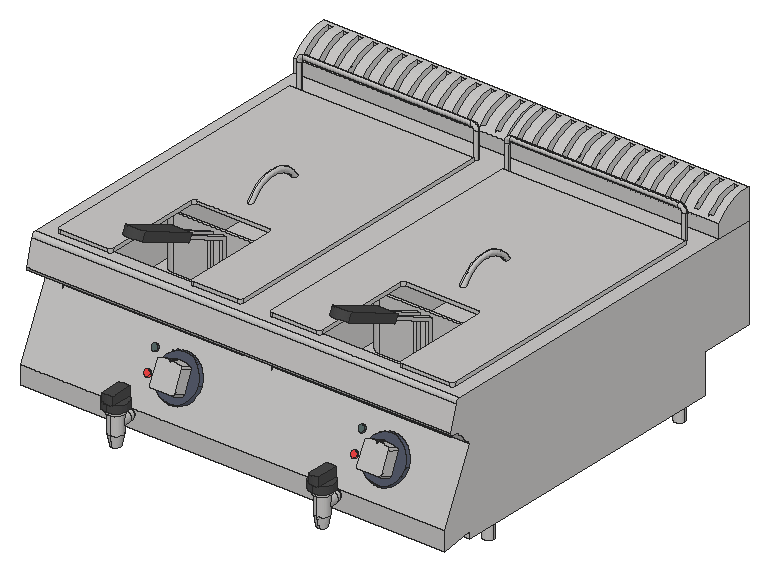
Revit family "QF_ZANUSSI_372076_Z7FREH2B00", category Specialty Equipment, Revit 2018
Family settings
  Round Connector Dimension = Use Diameter
  Part Type = Normal
  Work Plane-Based = No
  Always vertical = Yes
  Cut with Voids When Loaded = No
  Shared = No
  Room Calculation Point = No
Parameters
  Width = 800 mm  # constant formula
  Weight in Pounds = 121  # constant formula
  Weight = 0.00 kg
  Watts = 10800 W  # constant formula
  Volts = 400 V  # constant formula
  URL Manufacturer = "http://www.zanussiprofessional.com"
  URL Cutsheet = "www.electrolux.com/foodservice"
  URL = "http://www.zanussiprofessional.com"
  Type Mark [instance] = ""
  Steam Supply Size = 0"
  Steam Supply Minimum Pressure = 0.00 psi
  Steam Supply Maximum Pressure = 0.00 psi
  Steam Pounds per Hour = 0
  Status [instance] = ""
  Specification by User [instance] = ""
  Specification by Manufacturer = ""
  Show Logo [instance] = yes
  Show Clearance [instance] = yes
  Serial Number = ""
  Seismic Rating = ""
  SMACNA No = ""
  Revision Code [instance] = ""
  Refrigeration Suction Line Size = 0"
  Refrigeration Liquid Line Size = 0"
  Refrigerant Compressor Remote = yes
  Phase = 3  # constant formula
  Omniclass Number and Title = ""
  Number of Poles [instance] = 1
  NAFEM Spec ID Number = ""
  Model = "Z7FREH2B00"
  Min Ckt Ampacity = 0 A
  Max Overcurrent Protection = 0 A
  Masterspec = ""
  Manufacturer = "Zanussi"
  Length Actual = 800 mm  # constant formula
  Item Number [instance] = "372076"
  Installed By [instance] = ""
  Identify Quantity as Lot [instance] = yes
  Hot Water Size = 0"
  Height Actual = 250 mm  # constant formula
  Height = 333 mm  # constant formula
  HP = "14.5 HP"
  Gas Size = 0"
  Gas KW = 0
  Gas Input Pressure = 0.0 Btu/h
  Furnished By [instance] = ""
  Foodservice Equipment Identifier [instance] = yes
  FL Amps = if(Phase = 3, Watts / (Volts * 1.73), Watts / Volts)  # 15.6069 A
  Electrical Remarks [instance] = "400 V/3N ph/50/60 Hz"  # constant formula
  Electric Connection Type [instance] = ""
  Elec Conn RI Height [instance] = 0 mm
  Elec Conn Connection Height [instance] = 0 mm
  Direct Waste Size = 0"
  Description = "2X7 LITRE ELECTRIC FRYER TOP 800 MM"
  Depth Actual = 700 mm  # constant formula
  Depth = 715 mm  # constant formula
  Cycle = if([60 Hertz Option], 60 Hz, 50 Hz)  # 60 Hz
  Conn Plug = ""
  Conn Conduit = yes
  Condensate Return Size = 0"
  Compressed Air Volume = 0 GPM
  Compressed Air Size = 0"
  Compressed Air Pressure = 0.00 psi
  Cold Water Size = 0"
  CSI MasterFormat = ""
  CSI Master Format = ""
  Base Height [instance] = 25 mm  # constant formula
  Apparent Power = if(Phase = 3, Volts * FL Amps * 1.73, Volts * FL Amps)  # 10800 VA
  Accessory = yes
  60 Hertz Option = not([50 Hertz Option])  # yes
  50 Hertz Option = no
Reference planes
  plane 1 "BACK": y = 0
  plane 2: z = 0
  plane 3 "LEFT": x = 0
  plane 4 "RIGHT": x = 800
  plane 5 "FRONT": y = -715
  plane 6 "TOP": z = 333
  plane 7 "Center Y": x = 400
  plane 8 "Center X": y = -357.5
  plane 9 "BASE": z = 25
  plane 10 "TOP A": z = 275
  plane 11: y = -597.884
  plane 12: y = -147.637
  plane 13: z = 366.313
Forms (mm)
  Extrusion 1, solid, material "QF_Finishes_Stainless Steel"
    sketch origin (0, 0, 0) x (0, 1, 0) y (0, 0, 1)
      loop
        line (0, 99) -> (0, 275) -> (-679.358, 275)
        arc (-679.358, 275) -> (-684.643, 272.811) -> (-686.833, 267.526) r 7.474
        line (-686.833, 267.526) -> (-699.884, 222.011)
        arc (-699.884, 222.011) -> (-699.396, 219.379) -> (-697, 218.184) r 3
        line (-697, 218.184) -> (-686.802, 218.184) -> (-654.982, 186.364) -> (-715, 65.508) -> (-715, 30.508) -> (-658.645, 38.428)
        arc (-658.645, 38.428) -> (-656.101, 37.674) -> (-655, 35.259) r 3.2
        line (-655, 35.259) -> (-655, 25) -> (-103, 25) -> (-103, 99) -> (0, 99)
    from 0 to 800
  Extrusion 2, solid, material "QF_Finishes_Stainless Steel"
    sketch origin (0, 0, 0) x (0, 1, 0) y (0, 0, 1)
      loop
        line (0, 275) -> (0, 333)
        arc (0, 333) -> (-38.715, 324.821) -> (-69.85, 300.4) r 87.358
        line (-69.85, 300.4) -> (-69.85, 275) -> (0, 275)
    from 0 to 800
  Extrusion 3, void
    sketch origin (0, 0, 275) x (-1, 0, 0) y (0, -1, 0)
      loop
        line (-33.338, 147.762) -> (-33.338, 655.762) -> (-373.012, 655.762) -> (-373.012, 147.762) -> (-33.338, 147.762)
      loop
        line (-766.662, 655.762) -> (-766.662, 147.762) -> (-426.987, 147.762) -> (-426.987, 655.762) -> (-766.662, 655.762)
    from 0 to -152.4
  Extrusion 4, void
    sketch origin (0, 0, 275) x (-1, 0, 0) y (0, -1, 0)
      loop
        line (-13.453, 6.761) -> (-13.453, 63.911) -> (-22.749, 63.911) -> (-22.749, 6.761) -> (-13.453, 6.761)
    from 25.4 to 63.5
  Extrusion 5, solid, material "QF_Finishes_Stainless Steel"
    sketch origin (0, 0, 0) x (1, 0, 0) y (0, 1, 0)
      loop
        circle (11.112, -147.638) r 9.525
      loop
        circle (11.112, -597.884) r 9.525
      loop
        circle (788.887, -147.638) r 9.525
      loop
        circle (788.887, -597.884) r 9.525
    from 0 to 25
  Revolve 6, solid, material "QF_Finishes_Stainless Steel"
    sketch origin (206.375, 0, 0) x (0, 1, 0) y (0, 0, 1)
      loop
        line (-747.926, 16.877) -> (-738.917, 16.877) -> (-735.301, 37.388) -> (-735.301, 73.729) -> (-732.023, 73.729) -> (-732.023, 81.608) -> (-725.673, 81.608) -> (-725.673, 94.308) -> (-747.926, 94.308) -> (-747.926, 16.877)
      axis (-747.926, 16.877) -> (-747.926, 94.308)
    angle from 0 to 360
  Revolve 7, solid, material "QF_Finishes_Stainless Steel"
    sketch origin (206.375, 0, 0) x (0, 1, 0) y (0, 0, 1)
      loop
        line (-698.522, 56.75) -> (-749.322, 56.75) -> (-749.322, 44.447) -> (-727.357, 44.447) -> (-727.357, 46.149) -> (-718.364, 46.149) -> (-718.364, 48.196) -> (-698.522, 48.196) -> (-698.522, 56.75)
      axis (-749.322, 56.75) -> (-698.522, 56.75)
    angle from 0 to 360
  Revolve 8, solid, material "QF_Finishes_Stainless Steel"
    sketch origin (595.312, 0, 0) x (0, 1, 0) y (0, 0, 1)
      loop
        line (-747.926, 16.877) -> (-738.917, 16.877) -> (-735.301, 37.388) -> (-735.301, 73.729) -> (-732.023, 73.729) -> (-732.023, 81.608) -> (-725.673, 81.608) -> (-725.673, 94.308) -> (-747.926, 94.308) -> (-747.926, 16.877)
      axis (-747.926, 16.877) -> (-747.926, 94.308)
    angle from 0 to 360
  Revolve 9, solid, material "QF_Finishes_Stainless Steel"
    sketch origin (595.312, 0, 0) x (0, 1, 0) y (0, 0, 1)
      loop
        line (-698.522, 56.75) -> (-749.322, 56.75) -> (-749.322, 44.447) -> (-727.357, 44.447) -> (-727.357, 46.149) -> (-718.364, 46.149) -> (-718.364, 48.196) -> (-698.522, 48.196) -> (-698.522, 56.75)
      axis (-749.322, 56.75) -> (-698.522, 56.75)
    angle from 0 to 360
  Extrusion 10, solid, material "QF_Finishes_Black"
    sketch origin (206.375, -747.926, 94.308) x (0, 1, 0) y (-1, 0, 0)
      loop
        line (20.063, 9.626) -> (-20.063, 9.626)
        arc (-20.063, 9.626) -> (-22.253, 0) -> (-20.063, -9.626) r 22.253
        line (-20.063, -9.626) -> (20.063, -9.626)
        arc (20.063, -9.626) -> (22.253, 0) -> (20.063, 9.626) r 22.253
      loop
        line (20.063, -379.312) -> (-20.063, -379.312)
        arc (-20.063, -379.312) -> (-22.253, -388.937) -> (-20.063, -398.563) r 22.253
        line (-20.063, -398.563) -> (20.063, -398.563)
        arc (20.063, -398.563) -> (22.253, -388.937) -> (20.063, -379.312) r 22.253
    from 0 to 16.412
  Extrusion 11, solid, material "QF_Finishes_Stainless Steel"
    sketch origin (0, -101.6, 102.788) x (0, 0, -1) y (-1, 0, 0)
      loop
        circle (43.882, -736.5) r 12.7
    from 0 to 12.7
  Extrusion 12, solid, material "QF_Finishes_Clearance", visible <- "Show Clearance", detail levels coarse
    sketch origin (0, 0, 0) x (1, 0, 0) y (0, 1, 0)
      loop
        line (0, -716.377) -> (0, 0) -> (800, 0) -> (800, -716.377) -> (950.019, -716.377) -> (950.019, 150.019) -> (-150.019, 150.019) -> (-150.019, -716.377) -> (0, -716.377)
    from 0 to 333
  Extrusion 13, solid, material "QF_Finishes_Stainless Steel"
    sketch origin (0, 0, 274.638) x (-1, 0, 0) y (0, -1, 0)
      loop
        arc (-26.988, 655.762) -> (-28.847, 660.252) -> (-33.338, 662.112) r 6.35
        line (-33.338, 662.112) -> (-122.238, 662.112)
        arc (-122.238, 662.112) -> (-126.728, 660.252) -> (-128.588, 655.762) r 6.35
        line (-128.588, 655.762) -> (-128.588, 473.512)
        arc (-128.588, 473.512) -> (-130.447, 469.021) -> (-134.938, 467.162) r 6.35
        line (-134.938, 467.162) -> (-271.412, 467.162)
        arc (-271.412, 467.162) -> (-275.903, 469.021) -> (-277.762, 473.512) r 6.35
        line (-277.762, 473.512) -> (-277.762, 655.762)
        arc (-277.762, 655.762) -> (-279.622, 660.252) -> (-284.112, 662.112) r 6.35
        line (-284.112, 662.112) -> (-366.662, 662.112)
        arc (-366.662, 662.112) -> (-371.153, 660.252) -> (-373.012, 655.762) r 6.35
        line (-373.012, 655.762) -> (-373.012, 112.837) -> (-26.988, 112.837) -> (-26.988, 655.762)
      loop
        line (-773.012, 655.762) -> (-773.012, 112.837) -> (-426.987, 112.837) -> (-426.987, 655.762)
        arc (-426.987, 655.762) -> (-428.847, 660.252) -> (-433.337, 662.112) r 6.35
        line (-433.337, 662.112) -> (-515.887, 662.112)
        arc (-515.887, 662.112) -> (-520.378, 660.252) -> (-522.237, 655.762) r 6.35
        line (-522.237, 655.762) -> (-522.237, 473.512)
        arc (-522.237, 473.512) -> (-524.097, 469.021) -> (-528.587, 467.162) r 6.35
        line (-528.587, 467.162) -> (-665.062, 467.162)
        arc (-665.062, 467.162) -> (-669.553, 469.021) -> (-671.412, 473.512) r 6.35
        line (-671.412, 473.512) -> (-671.412, 655.762)
        arc (-671.412, 655.762) -> (-673.272, 660.252) -> (-677.762, 662.112) r 6.35
        line (-677.762, 662.112) -> (-766.662, 662.112)
        arc (-766.662, 662.112) -> (-771.153, 660.252) -> (-773.012, 655.762) r 6.35
    from 0 to 6.35
  Sweep 14, solid, material "QF_Finishes_Stainless Steel"
    path origin (0, 36.513, 0) x (1, 0, 0) y (0, 0, 1)
      loop
        line (39.688, 275) -> (39.688, 323.475)
        arc (39.688, 323.475) -> (41.547, 327.965) -> (46.038, 329.825) r 6.35
        line (46.038, 329.825) -> (362.669, 329.825)
        arc (362.669, 329.825) -> (367.16, 327.965) -> (369.019, 323.475) r 6.35
        line (369.019, 323.475) -> (369.019, 275)
    profile origin (39.688, 36.513, 299.238) x (-1, 0, 0) y (0, -1, 0)
      loop
        circle (2.09, 140.754) r 3.827
  Extrusion 15, solid, material "QF_Finishes_Black"
    sketch origin (271.462, -708.83, 366.66) x (0, 0.906308, -0.422618) y (-1, 0, 0)
      loop
        line (10.103, 47.37) -> (128.716, 47.37) -> (128.716, 84.605) -> (10.103, 84.605)
        arc (10.103, 84.605) -> (-0.124, 65.987) -> (10.103, 47.37) r 22.059
    from -15.884 to 0
  Extrusion 16, solid, material "QF_Finishes_Stainless Steel"
    sketch origin (271.463, 41.275, 0) x (0, 1, 0) y (0, 0, 1)
      loop
        line (-547.91, 166) -> (-547.91, 267.478) -> (-635.463, 308.305) -> (-638.147, 302.55) -> (-554.26, 263.433) -> (-554.26, 166) -> (-547.91, 166)
    from -80.476 to -74.619
  Extrusion 17, solid, material "QF_Finishes_Stainless Steel"
    sketch origin (139.588, 41.275, 0) x (0, 1, 0) y (0, 0, -1)
      loop
        line (-554.26, -263.433) -> (-638.147, -302.55) -> (-635.463, -308.305) -> (-547.91, -267.478) -> (-547.91, -166) -> (-554.26, -166) -> (-554.26, -263.433)
    from -80.476 to -74.619
  Sweep 18, solid, material "QF_Finishes_Stainless Steel"
    path origin (200.025, -0.124, 0) x (0, 1, 0) y (0, 0, 1)
      loop
        arc (-315.761, 275) -> (-370.2, 308.779) -> (-424.639, 275) r 60.757
    profile origin (200.025, -370.324, 308.779) x (0, 0, -1) y (1, 0, 0)
      loop
        circle (0, 0) r 4.353
  Sweep 19, solid, material "QF_Finishes_Stainless Steel"
    path origin (600.075, -0.124, 0) x (0, 1, 0) y (0, 0, -1)
      loop
        arc (-315.761, -275) -> (-370.2, -308.779) -> (-424.639, -275) r 60.757
    profile origin (600.075, -370.324, 308.779) x (0, 0, 1) y (-1, 0, 0)
      loop
        circle (0, 0) r 4.353
  Extrusion 20, solid, material "QF_Finishes_Black"
    sketch origin (528.637, -708.83, 366.66) x (0, 0.906308, -0.422618) y (-1, 0, 0)
      loop
        arc (10.103, -47.27) -> (-0.124, -65.887) -> (10.103, -84.505) r 22.059
        line (10.103, -84.505) -> (128.716, -84.505) -> (128.716, -47.27) -> (10.103, -47.27)
    from -15.884 to 0
  Extrusion 21, solid, material "QF_Finishes_Mesh"
    sketch origin (0, 0, 275) x (-1, 0, 0) y (0, -1, 0)
      loop
        arc (-116.625, 189.135) -> (-98.665, 196.575) -> (-91.225, 214.535) r 25.4
        line (-91.225, 214.535) -> (-91.225, 473.61)
        arc (-91.225, 473.61) -> (-98.665, 491.571) -> (-116.625, 499.01) r 25.4
        line (-116.625, 499.01) -> (-294.375, 499.01)
        arc (-294.375, 499.01) -> (-312.336, 491.571) -> (-319.775, 473.61) r 25.4
        line (-319.775, 473.61) -> (-319.775, 214.535)
        arc (-319.775, 214.535) -> (-312.336, 196.575) -> (-294.375, 189.135) r 25.4
        line (-294.375, 189.135) -> (-116.625, 189.135)
      loop
        arc (-116.625, 192.31) -> (-100.91, 198.82) -> (-94.4, 214.535) r 22.225
        line (-94.4, 214.535) -> (-94.4, 473.61)
        arc (-94.4, 473.61) -> (-100.91, 489.326) -> (-116.625, 495.835) r 22.225
        line (-116.625, 495.835) -> (-294.375, 495.835)
        arc (-294.375, 495.835) -> (-310.091, 489.326) -> (-316.6, 473.61) r 22.225
        line (-316.6, 473.61) -> (-316.6, 214.535)
        arc (-316.6, 214.535) -> (-310.091, 198.82) -> (-294.375, 192.31) r 22.225
        line (-294.375, 192.31) -> (-116.625, 192.31)
      loop
        line (-683.375, 189.135) -> (-505.625, 189.135)
        arc (-505.625, 189.135) -> (-487.664, 196.575) -> (-480.225, 214.535) r 25.4
        line (-480.225, 214.535) -> (-480.225, 473.61)
        arc (-480.225, 473.61) -> (-487.664, 491.571) -> (-505.625, 499.01) r 25.4
        line (-505.625, 499.01) -> (-683.375, 499.01)
        arc (-683.375, 499.01) -> (-701.335, 491.571) -> (-708.775, 473.61) r 25.4
        line (-708.775, 473.61) -> (-708.775, 214.535)
        arc (-708.775, 214.535) -> (-701.335, 196.575) -> (-683.375, 189.135) r 25.4
      loop
        line (-683.375, 192.31) -> (-505.625, 192.31)
        arc (-505.625, 192.31) -> (-489.909, 198.82) -> (-483.4, 214.535) r 22.225
        line (-483.4, 214.535) -> (-483.4, 473.61)
        arc (-483.4, 473.61) -> (-489.909, 489.326) -> (-505.625, 495.835) r 22.225
        line (-505.625, 495.835) -> (-683.375, 495.835)
        arc (-683.375, 495.835) -> (-699.09, 489.326) -> (-705.6, 473.61) r 22.225
        line (-705.6, 473.61) -> (-705.6, 214.535)
        arc (-705.6, 214.535) -> (-699.09, 198.82) -> (-683.375, 192.31) r 22.225
    from -109 to -5.315
  Extrusion 22, solid, material "QF_Finishes_Stainless Steel"
    sketch origin (528.637, 41.275, 0) x (0, 1, 0) y (0, 0, -1)
      loop
        line (-547.91, -166) -> (-554.26, -166) -> (-554.26, -263.433) -> (-638.147, -302.55) -> (-635.463, -308.305) -> (-547.91, -267.478) -> (-547.91, -166)
    from -80.476 to -74.619
  Extrusion 23, solid, material "QF_Finishes_Stainless Steel"
    sketch origin (660.512, 41.275, 0) x (0, 1, 0) y (0, 0, 1)
      loop
        line (-554.26, 263.433) -> (-554.26, 166) -> (-547.91, 166) -> (-547.91, 267.478) -> (-635.463, 308.305) -> (-638.147, 302.55) -> (-554.26, 263.433)
    from -80.476 to -74.619
  Sweep 24, solid, material "QF_Finishes_Stainless Steel"
    path origin (800.1, 36.513, 0) x (-1, 0, 0) y (0, 0, -1)
      loop
        line (39.788, -275) -> (39.788, -323.475)
        arc (39.788, -323.475) -> (41.647, -327.965) -> (46.138, -329.825) r 6.35
        line (46.138, -329.825) -> (362.769, -329.825)
        arc (362.769, -329.825) -> (367.26, -327.965) -> (369.119, -323.475) r 6.35
        line (369.119, -323.475) -> (369.119, -275)
    profile origin (760.312, 36.513, 299.238) x (-1, 0, 0) y (0, -1, 0)
      loop
        circle (-2.09, 140.754) r 3.827
  Extrusion 25, void
    sketch origin (361.95, 0, 275) x (-1, 0, 0) y (0, -1, 0)
      loop
        line (-13.403, 6.761) -> (-13.403, 63.911) -> (-22.699, 63.911) -> (-22.699, 6.761) -> (-13.403, 6.761)
    from 25.4 to 63.5
  Extrusion 26, void
    sketch origin (27.842, 0, 275) x (-1, 0, 0) y (0, -1, 0)
      loop
        line (-13.453, 6.761) -> (-13.453, 63.911) -> (-22.749, 63.911) -> (-22.749, 6.761) -> (-13.453, 6.761)
    from 25.4 to 63.5
  Extrusion 27, void
    sketch origin (55.685, 0, 275) x (-1, 0, 0) y (0, -1, 0)
      loop
        line (-13.453, 6.761) -> (-13.453, 63.911) -> (-22.749, 63.911) -> (-22.749, 6.761) -> (-13.453, 6.761)
    from 25.4 to 63.5
  Extrusion 28, void
    sketch origin (83.527, 0, 275) x (-1, 0, 0) y (0, -1, 0)
      loop
        line (-13.453, 6.761) -> (-13.453, 63.911) -> (-22.749, 63.911) -> (-22.749, 6.761) -> (-13.453, 6.761)
    from 25.4 to 63.5
  Extrusion 29, void
    sketch origin (111.369, 0, 275) x (-1, 0, 0) y (0, -1, 0)
      loop
        line (-13.453, 6.761) -> (-13.453, 63.911) -> (-22.749, 63.911) -> (-22.749, 6.761) -> (-13.453, 6.761)
    from 25.4 to 63.5
  Extrusion 30, void
    sketch origin (139.212, 0, 275) x (-1, 0, 0) y (0, -1, 0)
      loop
        line (-13.453, 6.761) -> (-13.453, 63.911) -> (-22.749, 63.911) -> (-22.749, 6.761) -> (-13.453, 6.761)
    from 25.4 to 63.5
  Extrusion 31, void
    sketch origin (167.054, 0, 275) x (-1, 0, 0) y (0, -1, 0)
      loop
        line (-13.453, 6.761) -> (-13.453, 63.911) -> (-22.749, 63.911) -> (-22.749, 6.761) -> (-13.453, 6.761)
    from 25.4 to 63.5
  Extrusion 32, void
    sketch origin (194.896, 0, 275) x (-1, 0, 0) y (0, -1, 0)
      loop
        line (-13.403, 6.761) -> (-13.403, 63.911) -> (-22.699, 63.911) -> (-22.699, 6.761) -> (-13.403, 6.761)
    from 25.4 to 63.5
  Extrusion 33, void
    sketch origin (222.738, 0, 275) x (-1, 0, 0) y (0, -1, 0)
      loop
        line (-13.403, 6.761) -> (-13.403, 63.911) -> (-22.699, 63.911) -> (-22.699, 6.761) -> (-13.403, 6.761)
    from 25.4 to 63.5
  Extrusion 34, void
    sketch origin (250.581, 0, 275) x (-1, 0, 0) y (0, -1, 0)
      loop
        line (-13.403, 6.761) -> (-13.403, 63.911) -> (-22.699, 63.911) -> (-22.699, 6.761) -> (-13.403, 6.761)
    from 25.4 to 63.5
  Extrusion 35, void
    sketch origin (278.423, 0, 275) x (-1, 0, 0) y (0, -1, 0)
      loop
        line (-13.403, 6.761) -> (-13.403, 63.911) -> (-22.699, 63.911) -> (-22.699, 6.761) -> (-13.403, 6.761)
    from 25.4 to 63.5
  Extrusion 36, void
    sketch origin (306.265, 0, 275) x (-1, 0, 0) y (0, -1, 0)
      loop
        line (-13.403, 6.761) -> (-13.403, 63.911) -> (-22.699, 63.911) -> (-22.699, 6.761) -> (-13.403, 6.761)
    from 25.4 to 63.5
  Extrusion 37, void
    sketch origin (334.108, 0, 275) x (-1, 0, 0) y (0, -1, 0)
      loop
        line (-13.403, 6.761) -> (-13.403, 63.911) -> (-22.699, 63.911) -> (-22.699, 6.761) -> (-13.403, 6.761)
    from 25.4 to 63.5
  Extrusion 38, void
    sketch origin (800.1, 0, 275) x (1, 0, 0) y (0, 1, 0)
      loop
        line (-13.553, -6.761) -> (-22.849, -6.761) -> (-22.849, -63.911) -> (-13.553, -63.911) -> (-13.553, -6.761)
    from 25.4 to 63.5
  Extrusion 39, void
    sketch origin (438.15, 0, 275) x (1, 0, 0) y (0, 1, 0)
      loop
        line (-13.503, -6.761) -> (-22.799, -6.761) -> (-22.799, -63.911) -> (-13.503, -63.911) -> (-13.503, -6.761)
    from 25.4 to 63.5
  Extrusion 40, void
    sketch origin (772.258, 0, 275) x (1, 0, 0) y (0, 1, 0)
      loop
        line (-13.553, -6.761) -> (-22.849, -6.761) -> (-22.849, -63.911) -> (-13.553, -63.911) -> (-13.553, -6.761)
    from 25.4 to 63.5
  Extrusion 41, void
    sketch origin (744.415, 0, 275) x (1, 0, 0) y (0, 1, 0)
      loop
        line (-13.553, -6.761) -> (-22.849, -6.761) -> (-22.849, -63.911) -> (-13.553, -63.911) -> (-13.553, -6.761)
    from 25.4 to 63.5
  Extrusion 42, void
    sketch origin (716.573, 0, 275) x (1, 0, 0) y (0, 1, 0)
      loop
        line (-13.553, -6.761) -> (-22.849, -6.761) -> (-22.849, -63.911) -> (-13.553, -63.911) -> (-13.553, -6.761)
    from 25.4 to 63.5
  Extrusion 43, void
    sketch origin (688.731, 0, 275) x (1, 0, 0) y (0, 1, 0)
      loop
        line (-13.553, -6.761) -> (-22.849, -6.761) -> (-22.849, -63.911) -> (-13.553, -63.911) -> (-13.553, -6.761)
    from 25.4 to 63.5
  Extrusion 44, void
    sketch origin (660.888, 0, 275) x (1, 0, 0) y (0, 1, 0)
      loop
        line (-13.553, -6.761) -> (-22.849, -6.761) -> (-22.849, -63.911) -> (-13.553, -63.911) -> (-13.553, -6.761)
    from 25.4 to 63.5
  Extrusion 45, void
    sketch origin (633.046, 0, 275) x (1, 0, 0) y (0, 1, 0)
      loop
        line (-13.553, -6.761) -> (-22.849, -6.761) -> (-22.849, -63.911) -> (-13.553, -63.911) -> (-13.553, -6.761)
    from 25.4 to 63.5
  Extrusion 46, void
    sketch origin (605.204, 0, 275) x (1, 0, 0) y (0, 1, 0)
      loop
        line (-13.503, -6.761) -> (-22.799, -6.761) -> (-22.799, -63.911) -> (-13.503, -63.911) -> (-13.503, -6.761)
    from 25.4 to 63.5
  Extrusion 47, void
    sketch origin (577.362, 0, 275) x (1, 0, 0) y (0, 1, 0)
      loop
        line (-13.503, -6.761) -> (-22.799, -6.761) -> (-22.799, -63.911) -> (-13.503, -63.911) -> (-13.503, -6.761)
    from 25.4 to 63.5
  Extrusion 48, void
    sketch origin (549.519, 0, 275) x (1, 0, 0) y (0, 1, 0)
      loop
        line (-13.503, -6.761) -> (-22.799, -6.761) -> (-22.799, -63.911) -> (-13.503, -63.911) -> (-13.503, -6.761)
    from 25.4 to 63.5
  Extrusion 49, void
    sketch origin (521.677, 0, 275) x (1, 0, 0) y (0, 1, 0)
      loop
        line (-13.503, -6.761) -> (-22.799, -6.761) -> (-22.799, -63.911) -> (-13.503, -63.911) -> (-13.503, -6.761)
    from 25.4 to 63.5
  Extrusion 50, void
    sketch origin (493.835, 0, 275) x (1, 0, 0) y (0, 1, 0)
      loop
        line (-13.503, -6.761) -> (-22.799, -6.761) -> (-22.799, -63.911) -> (-13.503, -63.911) -> (-13.503, -6.761)
    from 25.4 to 63.5
  Extrusion 51, void
    sketch origin (465.992, 0, 275) x (1, 0, 0) y (0, 1, 0)
      loop
        line (-13.503, -6.761) -> (-22.799, -6.761) -> (-22.799, -63.911) -> (-13.503, -63.911) -> (-13.503, -6.761)
    from 25.4 to 63.5
  Extrusion 52, void
    sketch origin (418.151, 0, 275) x (1, 0, 0) y (0, 1, 0)
      loop
        line (-16.563, 0) -> (-19.738, 0) -> (-19.738, -69.85) -> (-16.563, -69.85) -> (-16.563, 0)
    from 25.4 to 63.5
  Blend 53, solid, material "QF_Finishes_Navy Blue"
    base sketch origin (275, -684.991, 125.936) x (1, 0, 0) y (0, 0.444781, 0.895639)
      loop
        circle (0, 0) r 42.5
    top sketch origin (275, -684.991, 125.936) x (1, 0, 0) y (0, 0.444781, 0.895639)
      loop
        circle (0, 0) r 40.5
    from 0 to 5
  Extrusion 54, solid, material "QF_Finishes_Stainless Steel"
    sketch origin (275, -684.991, 125.936) x (1, 0, 0) y (0, 0.444781, 0.895639)
      loop
        arc (-21.147, 22.789) -> (-22.494, 21.685) -> (-23, 20.019) r 2.997
        line (-23, 20.019) -> (-23, -20.019)
        arc (-23, -20.019) -> (-22.122, -22.138) -> (-20.003, -23.016) r 2.997
        line (-20.003, -23.016) -> (20.003, -23.016)
        arc (20.003, -23.016) -> (22.122, -22.138) -> (23, -20.019) r 2.997
        line (23, -20.019) -> (23, 20.019)
        arc (23, 20.019) -> (22.494, 21.685) -> (21.147, 22.789) r 2.997
        arc (21.147, 22.789) -> (0, 26.984) -> (-21.147, 22.789) r 55.4
    from 10 to 34
  Extrusion 55, solid, material "QF_Plastic-Black-Matte"
    sketch origin (355, -684.991, 125.936) x (0, 0.444781, 0.895639) y (0, -0.895639, 0.444781)
      loop
        line (26.984, 34) -> (26.984, 19) -> (27.984, 19) -> (27.984, 34)
        arc (27.984, 34) -> (27.691, 34.707) -> (26.984, 35) r 1
        line (26.984, 35) -> (23.984, 35) -> (23.984, 34) -> (26.984, 34)
    from -81 to -79
  Extrusion 56, solid, material "QF_Finishes_Red"
    sketch origin (275, -689.439, 116.98) x (1, 0, 0) y (0, 0.444781, 0.895639)
      loop
        circle (-55.001, 0) r 6
    from 0 to 1.6
  Extrusion 57, solid, material "QF_Finishes_Stainless Steel"
    sketch origin (275, -684.991, 125.936) x (1, 0, 0) y (0, 0.444781, 0.895639)
      loop
        line (17.5, 17.5) -> (-17.5, 17.5) -> (-17.5, -17.5) -> (17.5, -17.5) -> (17.5, 17.5)
    from 5 to 10
  Blend 58, solid, material "QF_Finishes_Navy Blue"
    base sketch origin (665, -684.991, 125.936) x (1, 0, 0) y (0, 0.444781, 0.895639)
      loop
        circle (0, 0) r 42.5
    top sketch origin (665, -684.991, 125.936) x (1, 0, 0) y (0, 0.444781, 0.895639)
      loop
        circle (0, 0) r 40.5
    from 0 to 5
  Extrusion 59, solid, material "QF_Finishes_Stainless Steel"
    sketch origin (665, -684.991, 125.936) x (1, 0, 0) y (0, 0.444781, 0.895639)
      loop
        arc (-21.147, 22.789) -> (-22.494, 21.685) -> (-23, 20.019) r 2.997
        line (-23, 20.019) -> (-23, -20.019)
        arc (-23, -20.019) -> (-22.122, -22.138) -> (-20.003, -23.016) r 2.997
        line (-20.003, -23.016) -> (20.003, -23.016)
        arc (20.003, -23.016) -> (22.122, -22.138) -> (23, -20.019) r 2.997
        line (23, -20.019) -> (23, 20.019)
        arc (23, 20.019) -> (22.494, 21.685) -> (21.147, 22.789) r 2.997
        arc (21.147, 22.789) -> (0, 26.984) -> (-21.147, 22.789) r 55.4
    from 10 to 34
  Extrusion 60, solid, material "QF_Finishes_Stainless Steel"
    sketch origin (665, -684.991, 125.936) x (1, 0, 0) y (0, 0.444781, 0.895639)
      loop
        line (17.5, 17.5) -> (-17.5, 17.5) -> (-17.5, -17.5) -> (17.5, -17.5) -> (17.5, 17.5)
    from 5 to 10
  Extrusion 61, solid, material "QF_Plastic-Black-Matte"
    sketch origin (585, -684.991, 125.936) x (0, 0.444781, 0.895639) y (0, 0.895639, -0.444781)
      loop
        line (26.984, -34) -> (23.984, -34) -> (23.984, -35) -> (26.984, -35)
        arc (26.984, -35) -> (27.691, -34.707) -> (27.984, -34) r 1
        line (27.984, -34) -> (27.984, -19) -> (26.984, -19) -> (26.984, -34)
    from -81 to -79
  Extrusion 62, solid, material "QF_Finishes_DarkGreen"
    sketch origin (275, -671.648, 152.805) x (1, 0, 0) y (0, 0.444781, 0.895639)
      loop
        circle (-55.001, 0) r 6
    from 0 to 1.6
  Extrusion 63, solid, material "QF_Finishes_Red"
    sketch origin (665, -689.439, 116.98) x (1, 0, 0) y (0, 0.444781, 0.895639)
      loop
        circle (-55.001, 0) r 6
    from 0 to 1.6
  Extrusion 64, solid, material "QF_Finishes_DarkGreen"
    sketch origin (665, -671.648, 152.805) x (1, 0, 0) y (0, 0.444781, 0.895639)
      loop
        circle (-55.001, 0) r 6
    from 0 to 1.6
Cuts and joins
  Extrusion 3, Extrusion 4 cuts Extrusion 1
  Extrusion 4, Extrusion 25, Extrusion 26, Extrusion 27, Extrusion 28, Extrusion 29, Extrusion 30, Extrusion 31, Extrusion 32, Extrusion 33, Extrusion 34, Extrusion 35, Extrusion 36, Extrusion 37, Extrusion 38, Extrusion 39, Extrusion 40, Extrusion 41, Extrusion 42, Extrusion 43, Extrusion 44, Extrusion 45, Extrusion 46, Extrusion 47, Extrusion 48, Extrusion 49, Extrusion 50, Extrusion 51, Extrusion 52 cuts Extrusion 2
  joined: Extrusion 13, Sweep 18, Sweep 19
  Extrusion 25, Extrusion 26, Extrusion 27, Extrusion 28, Extrusion 29, Extrusion 30, Extrusion 31, Extrusion 32, Extrusion 33, Extrusion 34, Extrusion 35, Extrusion 36, Extrusion 37, Extrusion 38, Extrusion 39, Extrusion 40, Extrusion 41, Extrusion 42, Extrusion 43, Extrusion 44, Extrusion 45, Extrusion 46, Extrusion 47, Extrusion 48, Extrusion 49, Extrusion 50, Extrusion 51, Extrusion 52 cuts Extrusion 12
Lines and regions (mm)
  Split face 1
    outline origin (276.664, -684.796, 137.57) x (1, 0, 0) y (0, 0.444781, 0.895639)
      loop
        circle (-34, 0) r 1.5
  Split face 2
    outline origin (273.297, -687.581, 131.962) x (1, 0, 0) y (0, 0.444781, 0.895639)
      loop
        circle (-30.633, -14.752) r 1.5
  Split face 3
    outline origin (276.214, -689.88, 127.332) x (1, 0, 0) y (0, 0.444781, 0.895639)
      loop
        circle (-21.199, -26.582) r 1.5
  Split face 4
    outline origin (282.566, -689.848, 127.397) x (1, 0, 0) y (0, 0.444781, 0.895639)
      loop
        circle (-7.566, -33.148) r 1.5
  Split face 5
    outline origin (287.419, -686.96, 133.212) x (1, 0, 0) y (0, 0.444781, 0.895639)
      loop
        circle (7.566, -33.148) r 1.5
  Split face 6
    outline origin (286.137, -682.319, 142.558) x (1, 0, 0) y (0, 0.444781, 0.895639)
      loop
        circle (21.199, -26.582) r 1.5
  Split face 7
    outline origin (276.5, -678.264, 150.724) x (1, 0, 0) y (0, 0.444781, 0.895639)
      loop
        circle (30.633, -14.752) r 1.5
  Split face 8
    outline origin (260.985, -677.235, 152.796) x (1, 0, 0) y (0, 0.444781, 0.895639)
      loop
        circle (34, 0) r 1.5
  Split face 9
    outline origin (666.664, -684.796, 137.57) x (1, 0, 0) y (0, 0.444781, 0.895639)
      loop
        circle (-34, 0) r 1.5
  Split face 10
    outline origin (663.297, -687.581, 131.962) x (1, 0, 0) y (0, 0.444781, 0.895639)
      loop
        circle (-30.633, -14.752) r 1.5
  Split face 11
    outline origin (666.214, -689.88, 127.332) x (1, 0, 0) y (0, 0.444781, 0.895639)
      loop
        circle (-21.199, -26.582) r 1.5
  Split face 12
    outline origin (672.566, -689.848, 127.397) x (1, 0, 0) y (0, 0.444781, 0.895639)
      loop
        circle (-7.566, -33.148) r 1.5
  Split face 13
    outline origin (677.419, -686.96, 133.212) x (1, 0, 0) y (0, 0.444781, 0.895639)
      loop
        circle (7.566, -33.148) r 1.5
  Split face 14
    outline origin (676.137, -682.319, 142.558) x (1, 0, 0) y (0, 0.444781, 0.895639)
      loop
        circle (21.199, -26.582) r 1.5
  Split face 15
    outline origin (666.703, -678.235, 150.783) x (1, 0, 0) y (0, 0.444781, 0.895639)
      loop
        circle (30.633, -14.752) r 1.5
  Split face 16
    outline origin (650.985, -677.235, 152.796) x (1, 0, 0) y (0, 0.444781, 0.895639)
      loop
        circle (34, 0) r 1.5
  Split face 17
    outline origin (275, -689.469, 128.16) x (1, 0, 0) y (0, 0.444781, 0.895639)
      loop
        circle (0, 33.561) r 1.5
  Split face 18
    outline origin (665, -689.469, 128.16) x (1, 0, 0) y (0, 0.444781, 0.895639)
      loop
        circle (0, 34) r 1.5
  symbolic lines, style "QF-Clearances", visible <- "Show Clearance", detail levels coarse
    curve 1: line (-150.019, 150.019, 275) -> (-150.019, -716.377, 275)
    curve 2: line (950.019, 150.019, 275) -> (-150.019, 150.019, 275)
    curve 3: line (950.019, -716.377, 275) -> (950.019, 150.019, 275)
  symbolic lines
    curve 4: line (0, 0, 275) -> (800, 0, 275)
    curve 5: line (0, -715, 275) -> (0, 0, 275)
    curve 6: line (800, 0, 275) -> (800, -715, 275)
    curve 7: line (22.699, -6.761, 275) -> (22.699, -63.911, 275)
    curve 8: line (13.403, -63.911, 275) -> (13.403, -6.761, 275)
    curve 9: line (13.403, -6.761, 275) -> (22.699, -6.761, 275)
    curve 10: line (26.937, -112.837, 275) -> (26.937, -655.762, 275)
    curve 11: arc (26.938, -655.762, 275) -> (28.812, -660.287, 275) -> (33.338, -662.162, 275) r 6.4
    curve 12: line (33.338, -662.162, 275) -> (122.187, -662.162, 275)
    curve 13: arc (122.187, -662.162, 275) -> (126.678, -660.302, 275) -> (128.537, -655.812, 275) r 6.35
    curve 14: line (128.537, -655.812, 275) -> (128.537, -473.512, 275)
    curve 15: arc (128.537, -473.512, 275) -> (130.397, -469.021, 275) -> (134.887, -467.162, 275) r 6.35
    curve 16: line (134.887, -467.162, 275) -> (271.412, -467.162, 275)
    curve 17: arc (271.412, -467.162, 275) -> (275.903, -469.021, 275) -> (277.762, -473.512, 275) r 6.35
    curve 18: line (277.762, -473.512, 275) -> (277.762, -655.812, 275)
    curve 19: arc (277.762, -655.812, 275) -> (279.622, -660.302, 275) -> (284.112, -662.162, 275) r 6.35
    curve 20: line (284.112, -662.162, 275) -> (366.662, -662.162, 275)
    curve 21: arc (366.662, -662.162, 275) -> (371.153, -660.302, 275) -> (373.012, -655.812, 275) r 6.35
    curve 22: line (373.012, -655.812, 275) -> (373.012, -112.837, 275)
    curve 23: line (373.012, -112.837, 275) -> (26.937, -112.837, 275)
    curve 24: line (0, -69.85, 275) -> (398.412, -69.85, 275)
    curve 25: line (224.093, -706.436, 275) -> (224.093, -592.174, 275)
    curve 26: line (224.093, -592.174, 275) -> (186.858, -592.174, 275)
    curve 27: line (186.858, -592.174, 275) -> (186.858, -706.436, 275)
    curve 28: spline (224.093, -706.436, 275) -> (221.86, -709.098, 275) -> (219.17, -711.386, 275) -> (216.096, -713.235, 275) -> (212.725, -714.594, 275) -> (209.152, -715.425, 275) -> (205.475, -715.705, 275) -> (201.799, -715.425, 275) -> (198.225, -714.594, 275) -> (194.855, -713.235, 275) -> (191.781, -711.386, 275) -> (189.09, -709.098, 275) -> (186.858, -706.436, 275)
    curve 29: line (128.537, -655.812, 275) -> (186.858, -655.812, 275)
    curve 30: line (224.093, -655.812, 275) -> (277.762, -655.812, 275)
    curve 31: line (196.794, -499.01, 275) -> (196.794, -592.174, 275)
    curve 32: line (190.937, -592.174, 275) -> (190.937, -499.01, 275)
    curve 33: line (220.014, -499.01, 275) -> (220.014, -592.174, 275)
    curve 34: line (214.157, -592.174, 275) -> (214.157, -499.01, 275)
    curve 35: spline (186.858, -699.723, 275) -> (189.09, -702.386, 275) -> (191.781, -704.673, 275) -> (194.855, -706.523, 275) -> (198.225, -707.882, 275) -> (201.799, -708.713, 275) -> (205.475, -708.992, 275) -> (209.152, -708.713, 275) -> (212.725, -707.882, 275) -> (216.096, -706.523, 275) -> (219.17, -704.673, 275) -> (221.86, -702.386, 275) -> (224.093, -699.723, 275)
    curve 36: line (195.52, -420.932, 275) -> (195.52, -319.469, 275)
    curve 37: line (204.418, -319.469, 275) -> (204.418, -420.932, 275)
    curve 38: arc (195.52, -420.932, 275) -> (199.969, -425.382, 275) -> (204.418, -420.932, 275) r 4.449
    curve 39: arc (195.52, -319.469, 275) -> (199.969, -315.02, 275) -> (204.418, -319.469, 275) r 4.449
    curve 40: line (128.537, -495.835, 275) -> (277.762, -495.835, 275)
    curve 41: line (128.537, -499.01, 275) -> (277.762, -499.01, 275)
    curve 42: line (773.012, -112.837, 275) -> (773.012, -655.762, 275)
    curve 43: arc (773.012, -655.762, 275) -> (771.153, -660.252, 275) -> (766.662, -662.112, 275) r 6.35
    curve 44: line (766.662, -662.112, 275) -> (677.762, -662.112, 275)
    curve 45: arc (677.762, -662.112, 275) -> (673.272, -660.252, 275) -> (671.412, -655.762, 275) r 6.35
    curve 46: line (671.412, -655.762, 275) -> (671.412, -473.512, 275)
    curve 47: arc (671.413, -473.512, 275) -> (669.553, -469.021, 275) -> (665.063, -467.162, 275) r 6.35
    curve 48: line (665.063, -467.162, 275) -> (528.538, -467.162, 275)
    curve 49: arc (528.538, -467.162, 275) -> (524.047, -469.021, 275) -> (522.188, -473.512, 275) r 6.35
    curve 50: line (522.188, -473.512, 275) -> (522.188, -655.762, 275)
    curve 51: arc (522.188, -655.762, 275) -> (520.328, -660.252, 275) -> (515.838, -662.112, 275) r 6.35
    curve 52: line (515.838, -662.112, 275) -> (433.338, -662.112, 275)
    curve 53: arc (433.338, -662.112, 275) -> (428.847, -660.252, 275) -> (426.988, -655.762, 275) r 6.35
    curve 54: line (426.988, -655.762, 275) -> (426.988, -112.837, 275)
    curve 55: line (426.988, -112.837, 275) -> (773.012, -112.837, 275)
    curve 56: line (575.857, -706.386, 275) -> (575.857, -592.174, 275)
    curve 57: line (575.857, -592.174, 275) -> (613.092, -592.174, 275)
    curve 58: line (613.092, -592.174, 275) -> (613.092, -706.386, 275)
    curve 59: spline (575.857, -706.386, 275) -> (578.09, -709.048, 275) -> (580.78, -711.336, 275) -> (583.854, -713.185, 275) -> (587.225, -714.544, 275) -> (590.798, -715.375, 275) -> (594.475, -715.655, 275) -> (598.151, -715.375, 275) -> (601.725, -714.544, 275) -> (605.095, -713.185, 275) -> (608.169, -711.336, 275) -> (610.86, -709.048, 275) -> (613.092, -706.386, 275)
    curve 60: line (671.412, -655.762, 275) -> (613.092, -655.762, 275)
    curve 61: line (575.857, -655.762, 275) -> (522.188, -655.762, 275)
    curve 62: line (603.156, -499.01, 275) -> (603.156, -592.174, 275)
    curve 63: line (609.013, -592.174, 275) -> (609.013, -499.01, 275)
    curve 64: line (579.936, -499.01, 275) -> (579.936, -592.174, 275)
    curve 65: line (585.793, -592.174, 275) -> (585.793, -499.01, 275)
    curve 66: spline (613.092, -699.673, 275) -> (610.86, -702.336, 275) -> (608.169, -704.623, 275) -> (605.095, -706.473, 275) -> (601.725, -707.832, 275) -> (598.151, -708.663, 275) -> (594.475, -708.942, 275) -> (590.798, -708.663, 275) -> (587.225, -707.832, 275) -> (583.854, -706.473, 275) -> (580.78, -704.623, 275) -> (578.09, -702.336, 275) -> (575.857, -699.673, 275)
    curve 67: line (604.43, -420.932, 275) -> (604.43, -319.469, 275)
    curve 68: line (595.532, -319.469, 275) -> (595.532, -420.932, 275)
    curve 69: arc (604.43, -420.932, 275) -> (599.981, -425.382, 275) -> (595.532, -420.932, 275) r 4.449
    curve 70: arc (604.43, -319.469, 275) -> (599.981, -315.02, 275) -> (595.532, -319.469, 275) r 4.449
    curve 71: line (671.412, -495.835, 275) -> (522.188, -495.835, 275)
    curve 72: line (671.412, -499.01, 275) -> (522.188, -499.01, 275)
    curve 73: line (37.548, -100.414, 275) -> (371.109, -100.414, 275)
    curve 74: line (37.548, -108.069, 275) -> (37.548, -100.414, 275)
    curve 75: line (371.109, -108.069, 275) -> (37.548, -108.069, 275)
    curve 76: line (371.109, -100.414, 275) -> (371.109, -108.069, 275)
    curve 77: line (428.891, -100.414, 275) -> (762.402, -100.414, 275)
    curve 78: line (428.891, -108.069, 275) -> (428.891, -100.414, 275)
    curve 79: line (762.402, -108.069, 275) -> (428.891, -108.069, 275)
    curve 80: line (762.402, -100.414, 275) -> (762.402, -108.069, 275)
    curve 81: arc (206.325, -770.179, 275) -> (228.578, -747.926, 275) -> (206.325, -725.673, 275) r 22.253
    curve 82: arc (206.325, -725.673, 275) -> (184.072, -747.926, 275) -> (206.325, -770.179, 275) r 22.253
    curve 83: line (196.699, -727.863, 275) -> (196.699, -767.989, 275)
    curve 84: line (215.951, -767.989, 275) -> (215.951, -727.863, 275)
    curve 85: line (217.439, -728.647, 275) -> (217.439, -715, 275)
    curve 86: line (195.318, -728.586, 275) -> (195.318, -715, 275)
    curve 87: arc (593.625, -770.179, 275) -> (571.372, -747.926, 275) -> (593.625, -725.673, 275) r 22.253
    curve 88: arc (593.625, -725.673, 275) -> (615.878, -747.926, 275) -> (593.625, -770.179, 275) r 22.253
    curve 89: line (603.251, -727.863, 275) -> (603.251, -767.989, 275)
    curve 90: line (583.999, -767.989, 275) -> (583.999, -727.863, 275)
    curve 91: line (582.511, -728.647, 275) -> (582.511, -715, 275)
    curve 92: line (604.632, -728.586, 275) -> (604.632, -715, 275)
    curve 93: line (384.649, -6.761, 275) -> (384.649, -63.911, 275)
    curve 94: line (375.353, -63.911, 275) -> (375.353, -6.761, 275)
    curve 95: line (375.353, -6.761, 275) -> (384.649, -6.761, 275)
    curve 96: line (50.541, -6.761, 275) -> (50.541, -63.911, 275)
    curve 97: line (41.245, -63.911, 275) -> (41.245, -6.761, 275)
    curve 98: line (41.245, -6.761, 275) -> (50.541, -6.761, 275)
    curve 99: line (78.383, -6.761, 275) -> (78.383, -63.911, 275)
    curve 100: line (69.087, -63.911, 275) -> (69.087, -6.761, 275)
    curve 101: line (69.087, -6.761, 275) -> (78.383, -6.761, 275)
    curve 102: line (106.225, -6.761, 275) -> (106.225, -63.911, 275)
    curve 103: line (96.93, -63.911, 275) -> (96.93, -6.761, 275)
    curve 104: line (96.93, -6.761, 275) -> (106.225, -6.761, 275)
    curve 105: line (134.068, -6.761, 275) -> (134.068, -63.911, 275)
    curve 106: line (124.772, -63.911, 275) -> (124.772, -6.761, 275)
    curve 107: line (124.772, -6.761, 275) -> (134.068, -6.761, 275)
    curve 108: line (161.91, -6.761, 275) -> (161.91, -63.911, 275)
    curve 109: line (152.614, -63.911, 275) -> (152.614, -6.761, 275)
    curve 110: line (152.614, -6.761, 275) -> (161.91, -6.761, 275)
    curve 111: line (189.752, -6.761, 275) -> (189.752, -63.911, 275)
    curve 112: line (180.457, -63.911, 275) -> (180.457, -6.761, 275)
    curve 113: line (180.457, -6.761, 275) -> (189.752, -6.761, 275)
    curve 114: line (217.595, -6.761, 275) -> (217.595, -63.911, 275)
    curve 115: line (208.299, -63.911, 275) -> (208.299, -6.761, 275)
    curve 116: line (208.299, -6.761, 275) -> (217.595, -6.761, 275)
    curve 117: line (245.437, -6.761, 275) -> (245.437, -63.911, 275)
    curve 118: line (236.141, -63.911, 275) -> (236.141, -6.761, 275)
    curve 119: line (236.141, -6.761, 275) -> (245.437, -6.761, 275)
    curve 120: line (273.279, -6.761, 275) -> (273.279, -63.911, 275)
    curve 121: line (263.984, -63.911, 275) -> (263.984, -6.761, 275)
    curve 122: line (263.984, -6.761, 275) -> (273.279, -6.761, 275)
    curve 123: line (301.122, -6.761, 275) -> (301.122, -63.911, 275)
    curve 124: line (291.826, -63.911, 275) -> (291.826, -6.761, 275)
    curve 125: line (291.826, -6.761, 275) -> (301.122, -6.761, 275)
    curve 126: line (328.964, -6.761, 275) -> (328.964, -63.911, 275)
    curve 127: line (319.668, -63.911, 275) -> (319.668, -6.761, 275)
    curve 128: line (319.668, -6.761, 275) -> (328.964, -6.761, 275)
    curve 129: line (356.806, -6.761, 275) -> (356.806, -63.911, 275)
    curve 130: line (347.511, -63.911, 275) -> (347.511, -6.761, 275)
    curve 131: line (347.511, -6.761, 275) -> (356.806, -6.761, 275)
    curve 132: line (777.251, -6.761, 275) -> (777.251, -63.911, 275)
    curve 133: line (786.547, -63.911, 275) -> (786.547, -6.761, 275)
    curve 134: line (786.547, -6.761, 275) -> (777.251, -6.761, 275)
    curve 135: line (415.301, -6.761, 275) -> (415.301, -63.911, 275)
    curve 136: line (424.597, -63.911, 275) -> (424.597, -6.761, 275)
    curve 137: line (424.597, -6.761, 275) -> (415.301, -6.761, 275)
    curve 138: line (749.409, -6.761, 275) -> (749.409, -63.911, 275)
    curve 139: line (758.705, -63.911, 275) -> (758.705, -6.761, 275)
    curve 140: line (758.705, -6.761, 275) -> (749.409, -6.761, 275)
    curve 141: line (721.567, -6.761, 275) -> (721.567, -63.911, 275)
    curve 142: line (730.863, -63.911, 275) -> (730.863, -6.761, 275)
    curve 143: line (730.863, -6.761, 275) -> (721.567, -6.761, 275)
    curve 144: line (693.725, -6.761, 275) -> (693.725, -63.911, 275)
    curve 145: line (703.02, -63.911, 275) -> (703.02, -6.761, 275)
    curve 146: line (703.02, -6.761, 275) -> (693.725, -6.761, 275)
    curve 147: line (665.882, -6.761, 275) -> (665.882, -63.911, 275)
    curve 148: line (675.178, -63.911, 275) -> (675.178, -6.761, 275)
    curve 149: line (675.178, -6.761, 275) -> (665.882, -6.761, 275)
    curve 150: line (638.04, -6.761, 275) -> (638.04, -63.911, 275)
    curve 151: line (647.336, -63.911, 275) -> (647.336, -6.761, 275)
    curve 152: line (647.336, -6.761, 275) -> (638.04, -6.761, 275)
    curve 153: line (610.198, -6.761, 275) -> (610.198, -63.911, 275)
    curve 154: line (619.493, -63.911, 275) -> (619.493, -6.761, 275)
    curve 155: line (619.493, -6.761, 275) -> (610.198, -6.761, 275)
    curve 156: line (582.355, -6.761, 275) -> (582.355, -63.911, 275)
    curve 157: line (591.651, -63.911, 275) -> (591.651, -6.761, 275)
    curve 158: line (591.651, -6.761, 275) -> (582.355, -6.761, 275)
    curve 159: line (554.513, -6.761, 275) -> (554.513, -63.911, 275)
    curve 160: line (563.809, -63.911, 275) -> (563.809, -6.761, 275)
    curve 161: line (563.809, -6.761, 275) -> (554.513, -6.761, 275)
    curve 162: line (526.671, -6.761, 275) -> (526.671, -63.911, 275)
    curve 163: line (535.966, -63.911, 275) -> (535.966, -6.761, 275)
    curve 164: line (535.966, -6.761, 275) -> (526.671, -6.761, 275)
    curve 165: line (498.828, -6.761, 275) -> (498.828, -63.911, 275)
    curve 166: line (508.124, -63.911, 275) -> (508.124, -6.761, 275)
    curve 167: line (508.124, -6.761, 275) -> (498.828, -6.761, 275)
    curve 168: line (470.986, -6.761, 275) -> (470.986, -63.911, 275)
    curve 169: line (480.282, -63.911, 275) -> (480.282, -6.761, 275)
    curve 170: line (480.282, -6.761, 275) -> (470.986, -6.761, 275)
    curve 171: line (443.144, -6.761, 275) -> (443.144, -63.911, 275)
    curve 172: line (452.439, -63.911, 275) -> (452.439, -6.761, 275)
    curve 173: line (452.439, -6.761, 275) -> (443.144, -6.761, 275)
    curve 174: line (401.587, -69.85, 275) -> (401.587, 0, 275)
    curve 175: line (398.412, 0, 275) -> (398.412, -69.85, 275)
    curve 176: line (401.587, -69.85, 275) -> (800, -69.85, 275)
    curve 205: line (0, -700, 0) -> (800, -700, 0)
    curve 206: line (252, -700, 0) -> (252, -724.347, 0)
    curve 207: arc (252, -724.347, 0) -> (252.146, -724.811, 0) -> (252.532, -725.107, 0) r 0.809
    curve 208: arc (252.532, -725.107, 0) -> (253.72, -725.587, 0) -> (254.997, -725.68, 0) r 4.127
    curve 209: arc (252, -704.292, 0) -> (246.959, -702.458, 0) -> (242.191, -700, 0) r 42.24
    curve 210: arc (252, -706.539, 0) -> (252.502, -705.818, 0) -> (253.299, -705.448, 0) r 1.682
    curve 211: arc (253.299, -705.448, 0) -> (263.602, -703.95, 0) -> (274, -703.441, 0) r 109.079
    curve 212: line (274, -700, 0) -> (274, -705.671, 0)
    curve 213: line (274, -705.671, 0) -> (276, -705.671, 0)
    curve 214: line (276, -705.671, 0) -> (276, -700, 0)
    curve 215: line (298, -700, 0) -> (298, -724.347, 0)
    curve 216: arc (298, -724.347, 0) -> (297.854, -724.811, 0) -> (297.468, -725.107, 0) r 0.809
    curve 217: arc (297.468, -725.107, 0) -> (296.28, -725.587, 0) -> (295.003, -725.68, 0) r 4.127
    curve 218: arc (298, -704.292, 0) -> (303.041, -702.458, 0) -> (307.809, -700, 0) r 42.24
    curve 219: arc (298, -706.539, 0) -> (297.498, -705.818, 0) -> (296.701, -705.448, 0) r 1.682
    curve 220: arc (296.701, -705.448, 0) -> (286.398, -703.95, 0) -> (276, -703.441, 0) r 109.079
    curve 221: line (254.997, -725.68, 0) -> (295.003, -725.68, 0)
    curve 222: line (298, -715, 0) -> (588.88, -715, 0)
    curve 223: line (0, -715, 0) -> (199.67, -715, 0)
    curve 224: line (642, -700, 0) -> (642, -724.347, 0)
    curve 225: arc (642, -724.347, 0) -> (642.146, -724.811, 0) -> (642.532, -725.107, 0) r 0.809
    curve 226: arc (642.532, -725.107, 0) -> (643.72, -725.587, 0) -> (644.997, -725.68, 0) r 4.127
    curve 227: arc (642, -704.292, 0) -> (636.959, -702.458, 0) -> (632.191, -700, 0) r 42.24
    curve 228: arc (642, -706.539, 0) -> (642.502, -705.818, 0) -> (643.299, -705.448, 0) r 1.682
    curve 229: arc (643.299, -705.448, 0) -> (653.602, -703.95, 0) -> (664, -703.441, 0) r 109.079
    curve 230: line (664, -700, 0) -> (664, -705.671, 0)
    curve 231: line (664, -705.671, 0) -> (666, -705.671, 0)
    curve 232: line (666, -705.671, 0) -> (666, -700, 0)
    curve 233: line (688, -700, 0) -> (688, -724.347, 0)
    curve 234: arc (688, -724.347, 0) -> (687.854, -724.811, 0) -> (687.468, -725.107, 0) r 0.809
    curve 235: arc (687.468, -725.107, 0) -> (686.28, -725.587, 0) -> (685.003, -725.68, 0) r 4.127
    curve 236: arc (688, -704.292, 0) -> (693.041, -702.458, 0) -> (697.809, -700, 0) r 42.24
    curve 237: arc (688, -706.539, 0) -> (687.498, -705.818, 0) -> (686.701, -705.448, 0) r 1.682
    curve 238: arc (686.701, -705.448, 0) -> (676.398, -703.95, 0) -> (666, -703.441, 0) r 109.079
    curve 239: line (644.997, -725.68, 0) -> (685.003, -725.68, 0)
    curve 240: line (688, -715, 0) -> (800, -715, 0)
    curve 241: line (210.966, -715, 0) -> (252, -715, 0)
    curve 242: line (599.995, -715, 0) -> (642, -715, 0)
  symbolic lines, style "SpecialityEquipment"
    curve 177: line (13.453, -63.911, 0) -> (22.749, -63.911, 0)
    curve 178: line (375.403, -63.911, 0) -> (384.699, -63.911, 0)
    curve 179: line (41.295, -63.911, 0) -> (50.591, -63.911, 0)
    curve 180: line (69.137, -63.911, 0) -> (78.433, -63.911, 0)
    curve 181: line (96.98, -63.911, 0) -> (106.275, -63.911, 0)
    curve 182: line (124.822, -63.911, 0) -> (134.118, -63.911, 0)
    curve 183: line (152.664, -63.911, 0) -> (161.96, -63.911, 0)
    curve 184: line (180.507, -63.911, 0) -> (189.802, -63.911, 0)
    curve 185: line (208.349, -63.911, 0) -> (217.645, -63.911, 0)
    curve 186: line (236.191, -63.911, 0) -> (245.487, -63.911, 0)
    curve 187: line (264.034, -63.911, 0) -> (273.329, -63.911, 0)
    curve 188: line (291.876, -63.911, 0) -> (301.172, -63.911, 0)
    curve 189: line (319.718, -63.911, 0) -> (329.014, -63.911, 0)
    curve 190: line (347.561, -63.911, 0) -> (356.856, -63.911, 0)
    curve 191: line (786.597, -63.911, 0) -> (777.301, -63.911, 0)
    curve 192: line (424.647, -63.911, 0) -> (415.351, -63.911, 0)
    curve 193: line (758.755, -63.911, 0) -> (749.459, -63.911, 0)
    curve 194: line (730.913, -63.911, 0) -> (721.617, -63.911, 0)
    curve 195: line (703.07, -63.911, 0) -> (693.775, -63.911, 0)
    curve 196: line (675.228, -63.911, 0) -> (665.932, -63.911, 0)
    curve 197: line (647.386, -63.911, 0) -> (638.09, -63.911, 0)
    curve 198: line (619.543, -63.911, 0) -> (610.248, -63.911, 0)
    curve 199: line (591.701, -63.911, 0) -> (582.405, -63.911, 0)
    curve 200: line (563.859, -63.911, 0) -> (554.563, -63.911, 0)
    curve 201: line (536.016, -63.911, 0) -> (526.721, -63.911, 0)
    curve 202: line (508.174, -63.911, 0) -> (498.878, -63.911, 0)
    curve 203: line (480.332, -63.911, 0) -> (471.036, -63.911, 0)
    curve 204: line (452.489, -63.911, 0) -> (443.194, -63.911, 0)
Dimensions and locks
  equal spacing: plane 3 "LEFT", plane 7 "Center Y", plane 4 "RIGHT"
  "Width": plane 3 "LEFT" to plane 4 "RIGHT"
  equal spacing: plane 5 "FRONT", plane 8 "Center X", plane 1 "BACK"
  "Depth": plane 5 "FRONT" to plane 1 "BACK"
  "Height": plane 6 "TOP" to level
  "Base Height": plane 9 "BASE" to level
  plane 1 "BACK" to plane 5 "FRONT" = 715 mm
  plane 10 "TOP A" to plane 9 "BASE" = 250 mm
  plane 13 to plane 10 "TOP A" = 91.312 mm
  plane 4 "RIGHT" to Extrusion 11 sketch curve = 63.5 mm
  aligned and locked: level to plane 2
  aligned and locked: plane 4 "RIGHT" to Extrusion 1
  aligned and locked: plane 4 "RIGHT" to Extrusion 2
  aligned and locked: Extrusion 5 to plane 9 "BASE"
  aligned and locked: plane 6 "TOP" to Extrusion 12
Automatic sketch dimensions
  plane 1 "BACK" to Extrusion 4 sketch curve = 6.761 mm
  plane 3 "LEFT" to Extrusion 4 sketch curve = 22.749 mm
  Extrusion 4 sketch curve to Extrusion 4 sketch curve = 9.296 mm
  Extrusion 4 sketch curve to Extrusion 4 sketch curve = 57.15 mm
  Extrusion 15 sketch curve to plane 7 "Center Y" = 175.907 mm
  Extrusion 15 sketch curve to Extrusion 15 sketch curve = 0 mm
  Extrusion 15 sketch curve to Extrusion 15 sketch curve = 11.832 mm
  Extrusion 15 sketch curve to Extrusion 15 sketch curve = 106.78 mm
  Extrusion 15 sketch curve to Extrusion 15 sketch curve = 18.617 mm
  Extrusion 16 sketch curve to plane 11 = 1.013 mm
  Extrusion 16 sketch curve to plane 11 = 3.696 mm
  Extrusion 16 sketch curve to plane 10 "TOP A" = 11.567 mm
  Extrusion 16 sketch curve to plane 11 = 84.899 mm
  Extrusion 16 sketch curve to plane 10 "TOP A" = 7.522 mm
  Extrusion 16 sketch curve to Extrusion 16 sketch curve = 6.35 mm
  Extrusion 16 sketch curve to Extrusion 16 sketch curve = 97.432 mm
  Extrusion 17 sketch curve to plane 11 = 1.013 mm
  Extrusion 17 sketch curve to plane 11 = 3.696 mm
  Extrusion 17 sketch curve to plane 10 "TOP A" = 11.567 mm
  Extrusion 17 sketch curve to plane 11 = 84.899 mm
  Extrusion 17 sketch curve to Extrusion 17 sketch curve = 6.35 mm
  Extrusion 17 sketch curve to plane 10 "TOP A" = 7.522 mm
  Extrusion 17 sketch curve to Extrusion 17 sketch curve = 97.432 mm
  Sweep 18 sketch curve to plane 10 "TOP A" = 0 mm  (x2)
  Sweep 18 sketch curve to plane 8 "Center X" = 67.263 mm
  Sweep 18 sketch curve to plane 8 "Center X" = 12.824 mm
  Sweep 18 sketch curve to plane 10 "TOP A" = 26.978 mm
  Sweep 18 sketch curve to profile plane = 0 mm  (x2)
  Sweep 19 sketch curve to plane 10 "TOP A" = 0 mm  (x2)
  Sweep 19 sketch curve to plane 8 "Center X" = 67.263 mm
  Sweep 19 sketch curve to plane 8 "Center X" = 12.824 mm
  Sweep 19 sketch curve to plane 10 "TOP A" = 26.978 mm
  Sweep 19 sketch curve to profile plane = 0 mm
  profile plane to Sweep 19 sketch curve = 0 mm
  plane 7 "Center Y" to Extrusion 20 sketch curve = 175.907 mm
  Extrusion 20 sketch curve to Extrusion 20 sketch curve = 0 mm
  Extrusion 20 sketch curve to Extrusion 20 sketch curve = 11.832 mm
  Extrusion 20 sketch curve to Extrusion 20 sketch curve = 106.78 mm
  Extrusion 20 sketch curve to Extrusion 20 sketch curve = 18.617 mm
  Extrusion 22 sketch curve to plane 11 = 1.013 mm
  Extrusion 22 sketch curve to plane 11 = 3.696 mm
  Extrusion 22 sketch curve to plane 10 "TOP A" = 11.567 mm
  Extrusion 22 sketch curve to plane 11 = 84.899 mm
  Extrusion 22 sketch curve to plane 10 "TOP A" = 7.522 mm
  Extrusion 22 sketch curve to Extrusion 22 sketch curve = 6.35 mm
  Extrusion 22 sketch curve to Extrusion 22 sketch curve = 97.432 mm
  Extrusion 23 sketch curve to plane 11 = 1.013 mm
  Extrusion 23 sketch curve to plane 11 = 3.696 mm
  Extrusion 23 sketch curve to plane 10 "TOP A" = 11.567 mm
  Extrusion 23 sketch curve to plane 11 = 84.899 mm
  Extrusion 23 sketch curve to Extrusion 23 sketch curve = 6.35 mm
  Extrusion 23 sketch curve to Extrusion 23 sketch curve = 97.432 mm
  Extrusion 23 sketch curve to plane 10 "TOP A" = 7.522 mm
  plane 1 "BACK" to Extrusion 25 sketch curve = 6.761 mm
  Extrusion 25 sketch curve to plane 7 "Center Y" = 15.351 mm
  Extrusion 25 sketch curve to Extrusion 25 sketch curve = 9.296 mm
  Extrusion 25 sketch curve to Extrusion 25 sketch curve = 57.15 mm
  plane 1 "BACK" to Extrusion 26 sketch curve = 6.761 mm
  plane 3 "LEFT" to Extrusion 26 sketch curve = 50.591 mm
  Extrusion 26 sketch curve to Extrusion 26 sketch curve = 9.296 mm
  Extrusion 26 sketch curve to Extrusion 26 sketch curve = 57.15 mm
  plane 1 "BACK" to Extrusion 27 sketch curve = 6.761 mm
  plane 3 "LEFT" to Extrusion 27 sketch curve = 78.433 mm
  Extrusion 27 sketch curve to Extrusion 27 sketch curve = 9.296 mm
  Extrusion 27 sketch curve to Extrusion 27 sketch curve = 57.15 mm
  plane 1 "BACK" to Extrusion 28 sketch curve = 6.761 mm
  plane 3 "LEFT" to Extrusion 28 sketch curve = 106.275 mm
  Extrusion 28 sketch curve to Extrusion 28 sketch curve = 9.296 mm
  Extrusion 28 sketch curve to Extrusion 28 sketch curve = 57.15 mm
  plane 1 "BACK" to Extrusion 29 sketch curve = 6.761 mm
  plane 3 "LEFT" to Extrusion 29 sketch curve = 134.118 mm
  Extrusion 29 sketch curve to Extrusion 29 sketch curve = 9.296 mm
  Extrusion 29 sketch curve to Extrusion 29 sketch curve = 57.15 mm
  plane 1 "BACK" to Extrusion 30 sketch curve = 6.761 mm
  plane 3 "LEFT" to Extrusion 30 sketch curve = 161.96 mm
  Extrusion 30 sketch curve to Extrusion 30 sketch curve = 9.296 mm
  Extrusion 30 sketch curve to Extrusion 30 sketch curve = 57.15 mm
  plane 1 "BACK" to Extrusion 31 sketch curve = 6.761 mm
  plane 3 "LEFT" to Extrusion 31 sketch curve = 189.802 mm
  Extrusion 31 sketch curve to Extrusion 31 sketch curve = 9.296 mm
  Extrusion 31 sketch curve to Extrusion 31 sketch curve = 57.15 mm
  plane 1 "BACK" to Extrusion 32 sketch curve = 6.761 mm
  Extrusion 32 sketch curve to plane 7 "Center Y" = 182.405 mm
  Extrusion 32 sketch curve to Extrusion 32 sketch curve = 9.296 mm
  Extrusion 32 sketch curve to Extrusion 32 sketch curve = 57.15 mm
  plane 1 "BACK" to Extrusion 33 sketch curve = 6.761 mm
  Extrusion 33 sketch curve to plane 7 "Center Y" = 154.563 mm
  Extrusion 33 sketch curve to Extrusion 33 sketch curve = 9.296 mm
  Extrusion 33 sketch curve to Extrusion 33 sketch curve = 57.15 mm
  plane 1 "BACK" to Extrusion 34 sketch curve = 6.761 mm
  Extrusion 34 sketch curve to plane 7 "Center Y" = 126.721 mm
  Extrusion 34 sketch curve to Extrusion 34 sketch curve = 9.296 mm
  Extrusion 34 sketch curve to Extrusion 34 sketch curve = 57.15 mm
  plane 1 "BACK" to Extrusion 35 sketch curve = 6.761 mm
  Extrusion 35 sketch curve to plane 7 "Center Y" = 98.878 mm
  Extrusion 35 sketch curve to Extrusion 35 sketch curve = 9.296 mm
  Extrusion 35 sketch curve to Extrusion 35 sketch curve = 57.15 mm
  plane 1 "BACK" to Extrusion 36 sketch curve = 6.761 mm
